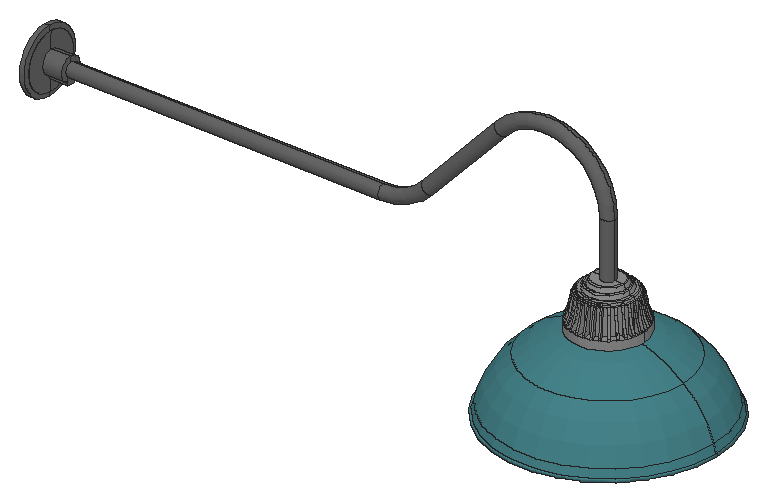
Revit family "Contempo Bistro BBU", category Lighting Fixtures, Revit 2020 (continued)
Definition of nested family "POST MOUNT"
  Automatic sketch dimensions
    Revolve 12 sketch curve to plane 6 = 0' - 2 1/4"
    Revolve 12 sketch curve to Revolve 12 sketch curve = 0' - 0 1/2"
    Revolve 12 sketch curve to Revolve 12 sketch curve = 0' - 0"
    radius of Sweep 11 sketch curve = 0' - 0 1/2"
Definition of nested family "BBU14_1"
  Parameters (values of type "BBU14_1")
    Light Elevation [instance] = 4' - 0"
    HUB [instance] = none
    Default Elevation = 0' - 0"
    Body [instance] = none
    BBU14 [instance] = yes
  Reference planes (in)
    plane 1 "Center (Front/Back)": y = 0
    plane 2: z = 0
    plane 3 "Center (Left/Right)": x = 0
    plane 4: z = 48
  Dimensions and locks (in)
    "Light Elevation": plane 4 to plane 2
    aligned and locked: plane 2 to level
    aligned and locked: plane 1 "Center (Front/Back)" to nested 1
    aligned and locked: plane 3 "Center (Left/Right)" to nested 1
    aligned and locked: nested 1 to plane 4
  Nested families (in)
    nested 1: "BBU14" at (0, 0, 39.64609), visible <- "BBU14", SHADE <- "Body", HUB <- "HUB", type "BBU14"
      with SHADE none, HUB none
  Definition of nested family "BBU14"
    Parameters (values of type "BBU14")
      SHADE [instance] = none
      HUB [instance] = none
      Default Elevation = 0' - 0"
    Reference planes (in)
      plane 1 "Center (Front/Back)": y = 0
      plane 2: z = 0
      plane 3 "Center (Left/Right)": x = 0
    Forms (in)
      Revolve 1, solid, material <- "SHADE"
        sketch origin (0, 0, 0) x (1, 0, 0) y (0, 0, 1)
          loop
            line (-1.95, 5.625) -> (-2, 5.625) -> (-2.25, 5.375) -> (-2.25, 4.955)
            arc (-2.25, 4.955) -> (-3.48212, 4.6773) -> (-4.55465, 4.01026) r 3.7912
            arc (-4.55465, 4.01026) -> (-5.84861, 2.53938) -> (-6.70076, 0.77538) r 7.23827
            arc (-6.70076, 0.77538) -> (-6.7865, 0.50275) -> (-6.87744, 0.2318) r 14.96105
            arc (-6.87744, 0.2318) -> (-6.993, 0.10696) -> (-6.85961, 0.00138) r 0.1159
            arc (-6.85961, 0.00138) -> (-6.73059, 0.3727) -> (-6.61132, 0.74725) r 15.0548
            arc (-6.61132, 0.74725) -> (-5.77011, 2.48812) -> (-4.49292, 3.93969) r 7.14452
            arc (-4.49292, 3.93969) -> (-3.40563, 4.60705) -> (-2.15625, 4.86514) r 3.69745
            line (-2.15625, 4.86514) -> (-2.15625, 5.33617) -> (-1.93371, 5.55871)
            arc (-1.93371, 5.55871) -> (-1.91587, 5.59824) -> (-1.95, 5.625) r 0.03515
          axis (0, 0.00138) -> (0, 5.625)
        angle from 0 to 360
      Revolve 2, solid, material <- "HUB"
        sketch origin (0, 0, -1.5472) x (1, 0, 0) y (0, 0, 1)
          loop
            arc (-1.09903, 9.90111) -> (-1.1396, 9.89006) -> (-1.16896, 9.85997) r 0.08
            line (-1.16896, 9.85997) -> (-1.29313, 9.59416) -> (-1.41054, 9.59416)
            arc (-1.41054, 9.59416) -> (-1.45353, 9.58163) -> (-1.48305, 9.54797) r 0.08
            line (-1.48305, 9.54797) -> (-1.59547, 9.30689) -> (-1.79547, 9.30689)
            arc (-1.79547, 9.30689) -> (-1.84894, 9.28639) -> (-1.87501, 9.23539) r 0.08
            arc (-1.87501, 9.23539) -> (-1.89411, 9.17729) -> (-1.93534, 9.13211) r 0.14595
            arc (-1.93534, 9.13211) -> (-1.97647, 9.10191) -> (-2.01677, 9.07061) r 1.89392
            arc (-2.01677, 9.07061) -> (-2.14099, 8.88463) -> (-2.18385, 8.66511) r 0.56845
            arc (-2.18385, 8.66511) -> (-2.3223, 7.96682) -> (-2.5672, 7.29839) r 4.58402
            arc (-2.5672, 7.29839) -> (-2.59166, 7.23933) -> (-2.6, 7.17595) r 0.24491
            line (-2.6, 7.17595) -> (-2.6, 6.55689) -> (-2.28, 6.55689) -> (-2.28, 6.93689) -> (-2, 7.18689) -> (-1.74987, 8.96668)
            arc (-1.74987, 8.96668) -> (-1.66631, 9.12057) -> (-1.5023, 9.18189) r 0.25
            line (-1.5023, 9.18189) -> (-0.3125, 9.18189) -> (-0.3125, 9.90111) -> (-1.09903, 9.90111)
          axis (0, 9.90111) -> (0, 6.55689)
        angle from 0 to 360
      Extrusion 3, void
        sketch origin (0, 0, -1.5472) x (1, 0, 0) y (0, 0, 1)
          loop
            arc (0.1562, 8.94175) -> (0, 9.10087) -> (-0.1562, 8.94175) r 0.15622
            arc (-0.1562, 8.94175) -> (-0.16453, 8.05868) -> (-0.1893, 7.17593) r 47.42066
            line (-0.1893, 7.17593) -> (0.1893, 7.17593)
            arc (0.1893, 7.17593) -> (0.16453, 8.05868) -> (0.1562, 8.94175) r 47.42066
        from 2.01546 to 2.60892
      Extrusion 4, void
        sketch origin (0, 0, -1.5472) x (-1, 0, 0) y (0, 0, 1)
          loop
            arc (0.1562, 8.94175) -> (0, 9.10087) -> (-0.1562, 8.94175) r 0.15622
            arc (-0.1562, 8.94175) -> (-0.16453, 8.05868) -> (-0.1893, 7.17593) r 47.42066
            line (-0.1893, 7.17593) -> (0.1893, 7.17593)
            arc (0.1893, 7.17593) -> (0.16453, 8.05868) -> (0.1562, 8.94175) r 47.42066
        from 2.01546 to 2.60892
      Extrusion 5, void
        sketch origin (0, 0, -1.5472) x (0.980785, 0.19509, 0) y (0, 0, 1)
          loop
            arc (0.1562, 8.94175) -> (0, 9.10087) -> (-0.1562, 8.94175) r 0.15622
            arc (-0.1562, 8.94175) -> (-0.16453, 8.05868) -> (-0.1893, 7.17593) r 47.42066
            line (-0.1893, 7.17593) -> (0.1893, 7.17593)
            arc (0.1893, 7.17593) -> (0.16453, 8.05868) -> (0.1562, 8.94175) r 47.42066
        from 2.01546 to 2.60892
      Extrusion 6, void
        sketch origin (0, 0, -1.5472) x (-0.980785, -0.19509, 0) y (0, 0, 1)
          loop
            arc (0.1562, 8.94175) -> (0, 9.10087) -> (-0.1562, 8.94175) r 0.15622
            arc (-0.1562, 8.94175) -> (-0.16453, 8.05868) -> (-0.1893, 7.17593) r 47.42066
            line (-0.1893, 7.17593) -> (0.1893, 7.17593)
            arc (0.1893, 7.17593) -> (0.16453, 8.05868) -> (0.1562, 8.94175) r 47.42066
        from 2.01546 to 2.60892
      Extrusion 7, void
        sketch origin (0, 0, -1.5472) x (0.92388, 0.382683, 0) y (0, 0, 1)
          loop
            arc (0.1562, 8.94175) -> (0, 9.10087) -> (-0.1562, 8.94175) r 0.15622
            arc (-0.1562, 8.94175) -> (-0.16453, 8.05868) -> (-0.1893, 7.17593) r 47.42066
            line (-0.1893, 7.17593) -> (0.1893, 7.17593)
            arc (0.1893, 7.17593) -> (0.16453, 8.05868) -> (0.1562, 8.94175) r 47.42066
        from 2.03855 to 2.60892
      Extrusion 8, void
        sketch origin (0, 0, -1.5472) x (-0.92388, -0.382683, 0) y (0, 0, 1)
          loop
            arc (0.1562, 8.94175) -> (0, 9.10087) -> (-0.1562, 8.94175) r 0.15622
            arc (-0.1562, 8.94175) -> (-0.16453, 8.05868) -> (-0.1893, 7.17593) r 47.42066
            line (-0.1893, 7.17593) -> (0.1893, 7.17593)
            arc (0.1893, 7.17593) -> (0.16453, 8.05868) -> (0.1562, 8.94175) r 47.42066
        from 2.01546 to 2.60892
      Extrusion 9, void
        sketch origin (0, 0, -1.5472) x (0.83147, 0.55557, 0) y (0, 0, 1)
          loop
            arc (0.1562, 8.94175) -> (0, 9.10087) -> (-0.1562, 8.94175) r 0.15622
            arc (-0.1562, 8.94175) -> (-0.16453, 8.05868) -> (-0.1893, 7.17593) r 47.42066
            line (-0.1893, 7.17593) -> (0.1893, 7.17593)
            arc (0.1893, 7.17593) -> (0.16453, 8.05868) -> (0.1562, 8.94175) r 47.42066
        from 2.01546 to 2.60892
      Extrusion 10, void
        sketch origin (0, 0, -1.5472) x (-0.83147, -0.55557, 0) y (0, 0, 1)
          loop
            arc (0.1562, 8.94175) -> (0, 9.10087) -> (-0.1562, 8.94175) r 0.15622
            arc (-0.1562, 8.94175) -> (-0.16453, 8.05868) -> (-0.1893, 7.17593) r 47.42066
            line (-0.1893, 7.17593) -> (0.1893, 7.17593)
            arc (0.1893, 7.17593) -> (0.16453, 8.05868) -> (0.1562, 8.94175) r 47.42066
        from 2.01546 to 2.60892
      Extrusion 11, void
        sketch origin (0, 0, -1.5472) x (0.707107, 0.707107, 0) y (0, 0, 1)
          loop
            arc (0.1562, 8.94175) -> (0, 9.10087) -> (-0.1562, 8.94175) r 0.15622
            arc (-0.1562, 8.94175) -> (-0.16453, 8.05868) -> (-0.1893, 7.17593) r 47.42066
            line (-0.1893, 7.17593) -> (0.1893, 7.17593)
            arc (0.1893, 7.17593) -> (0.16453, 8.05868) -> (0.1562, 8.94175) r 47.42066
        from 2.01546 to 2.60892
      Extrusion 12, void
        sketch origin (0, 0, -1.5472) x (-0.707107, -0.707107, 0) y (0, 0, 1)
          loop
            arc (0.1562, 8.94175) -> (0, 9.10087) -> (-0.1562, 8.94175) r 0.15622
            arc (-0.1562, 8.94175) -> (-0.16453, 8.05868) -> (-0.1893, 7.17593) r 47.42066
            line (-0.1893, 7.17593) -> (0.1893, 7.17593)
            arc (0.1893, 7.17593) -> (0.16453, 8.05868) -> (0.1562, 8.94175) r 47.42066
        from 2.01546 to 2.60892
      Extrusion 13, void
        sketch origin (0, 0, -1.5472) x (0.980785, -0.19509, 0) y (0, 0, 1)
          loop
            arc (0.1562, 8.94175) -> (0, 9.10087) -> (-0.1562, 8.94175) r 0.15622
            arc (-0.1562, 8.94175) -> (-0.16453, 8.05868) -> (-0.1893, 7.17593) r 47.42066
            line (-0.1893, 7.17593) -> (0.1893, 7.17593)
            arc (0.1893, 7.17593) -> (0.16453, 8.05868) -> (0.1562, 8.94175) r 47.42066
        from 2.01546 to 2.60892
      Extrusion 14, void
        sketch origin (0, 0, -1.5472) x (-0.980785, 0.19509, 0) y (0, 0, 1)
          loop
            arc (0.1562, 8.94175) -> (0, 9.10087) -> (-0.1562, 8.94175) r 0.15622
            arc (-0.1562, 8.94175) -> (-0.16453, 8.05868) -> (-0.1893, 7.17593) r 47.42066
            line (-0.1893, 7.17593) -> (0.1893, 7.17593)
            arc (0.1893, 7.17593) -> (0.16453, 8.05868) -> (0.1562, 8.94175) r 47.42066
        from 2.01546 to 2.60892
      Extrusion 15, void
        sketch origin (0, 0, -1.5472) x (0.92388, -0.382683, 0) y (0, 0, 1)
          loop
            arc (0.1562, 8.94175) -> (0, 9.10087) -> (-0.1562, 8.94175) r 0.15622
            arc (-0.1562, 8.94175) -> (-0.16453, 8.05868) -> (-0.1893, 7.17593) r 47.42066
            line (-0.1893, 7.17593) -> (0.1893, 7.17593)
            arc (0.1893, 7.17593) -> (0.16453, 8.05868) -> (0.1562, 8.94175) r 47.42066
        from 2.01546 to 2.60892
      Extrusion 16, void
        sketch origin (0, 0, -1.5472) x (-0.92388, 0.382683, 0) y (0, 0, 1)
          loop
            arc (0.1562, 8.94175) -> (0, 9.10087) -> (-0.1562, 8.94175) r 0.15622
            arc (-0.1562, 8.94175) -> (-0.16453, 8.05868) -> (-0.1893, 7.17593) r 47.42066
            line (-0.1893, 7.17593) -> (0.1893, 7.17593)
            arc (0.1893, 7.17593) -> (0.16453, 8.05868) -> (0.1562, 8.94175) r 47.42066
        from 2.01546 to 2.60892
      Extrusion 17, void
        sketch origin (0, 0, -1.5472) x (0.83147, -0.55557, 0) y (0, 0, 1)
          loop
            arc (0.1562, 8.94175) -> (0, 9.10087) -> (-0.1562, 8.94175) r 0.15622
            arc (-0.1562, 8.94175) -> (-0.16453, 8.05868) -> (-0.1893, 7.17593) r 47.42066
            line (-0.1893, 7.17593) -> (0.1893, 7.17593)
            arc (0.1893, 7.17593) -> (0.16453, 8.05868) -> (0.1562, 8.94175) r 47.42066
        from 2.02945 to 2.60892
      Extrusion 18, void
        sketch origin (0, 0, -1.5472) x (-0.83147, 0.55557, 0) y (0, 0, 1)
          loop
            arc (0.1562, 8.94175) -> (0, 9.10087) -> (-0.1562, 8.94175) r 0.15622
            arc (-0.1562, 8.94175) -> (-0.16453, 8.05868) -> (-0.1893, 7.17593) r 47.42066
            line (-0.1893, 7.17593) -> (0.1893, 7.17593)
            arc (0.1893, 7.17593) -> (0.16453, 8.05868) -> (0.1562, 8.94175) r 47.42066
        from 2.01546 to 2.60892
      Extrusion 19, void
        sketch origin (0, 0, -1.5472) x (0.707107, -0.707107, 0) y (0, 0, 1)
          loop
            arc (0.1562, 8.94175) -> (0, 9.10087) -> (-0.1562, 8.94175) r 0.15622
            arc (-0.1562, 8.94175) -> (-0.16453, 8.05868) -> (-0.1893, 7.17593) r 47.42066
            line (-0.1893, 7.17593) -> (0.1893, 7.17593)
            arc (0.1893, 7.17593) -> (0.16453, 8.05868) -> (0.1562, 8.94175) r 47.42066
        from 2.01546 to 2.60892
      Extrusion 20, void
        sketch origin (0, 0, -1.5472) x (-0.707107, 0.707107, 0) y (0, 0, 1)
          loop
            arc (0.1562, 8.94175) -> (0, 9.10087) -> (-0.1562, 8.94175) r 0.15622
            arc (-0.1562, 8.94175) -> (-0.16453, 8.05868) -> (-0.1893, 7.17593) r 47.42066
            line (-0.1893, 7.17593) -> (0.1893, 7.17593)
            arc (0.1893, 7.17593) -> (0.16453, 8.05868) -> (0.1562, 8.94175) r 47.42066
        from 2.04722 to 2.60892
      Extrusion 21, void
        sketch origin (-0.00391, 0, -1.5472) x (0.382683, -0.92388, 0) y (0, 0, 1)
          loop
            arc (0.1562, 8.94175) -> (0, 9.10087) -> (-0.1562, 8.94175) r 0.15622
            arc (-0.1562, 8.94175) -> (-0.16453, 8.05868) -> (-0.1893, 7.17593) r 47.42066
            line (-0.1893, 7.17593) -> (0.1893, 7.17593)
            arc (0.1893, 7.17593) -> (0.16453, 8.05868) -> (0.1562, 8.94175) r 47.42066
        from 2.02883 to 2.60892
      Extrusion 22, void
        sketch origin (0, 0, -1.5472) x (-0.382683, 0.92388, 0) y (0, 0, 1)
          loop
            arc (0.1562, 8.94175) -> (0, 9.10087) -> (-0.1562, 8.94175) r 0.15622
            arc (-0.1562, 8.94175) -> (-0.16453, 8.05868) -> (-0.1893, 7.17593) r 47.42066
            line (-0.1893, 7.17593) -> (0.1893, 7.17593)
            arc (0.1893, 7.17593) -> (0.16453, 8.05868) -> (0.1562, 8.94175) r 47.42066
        from 2.03251 to 2.60892
      Extrusion 23, void
        sketch origin (-0.00391, 0, -1.5472) x (0.19509, -0.980785, 0) y (0, 0, 1)
          loop
            arc (0.1562, 8.94175) -> (0, 9.10087) -> (-0.1562, 8.94175) r 0.15622
            arc (-0.1562, 8.94175) -> (-0.16453, 8.05868) -> (-0.1893, 7.17593) r 47.42066
            line (-0.1893, 7.17593) -> (0.1893, 7.17593)
            arc (0.1893, 7.17593) -> (0.16453, 8.05868) -> (0.1562, 8.94175) r 47.42066
        from 2.02341 to 2.60892
      Extrusion 24, void
        sketch origin (0, 0, -1.5472) x (-0.19509, 0.980785, 0) y (0, 0, 1)
          loop
            arc (0.1562, 8.94175) -> (0, 9.10087) -> (-0.1562, 8.94175) r 0.15622
            arc (-0.1562, 8.94175) -> (-0.16453, 8.05868) -> (-0.1893, 7.17593) r 47.42066
            line (-0.1893, 7.17593) -> (0.1893, 7.17593)
            arc (0.1893, 7.17593) -> (0.16453, 8.05868) -> (0.1562, 8.94175) r 47.42066
        from 2.04196 to 2.60892
      Extrusion 25, void
        sketch origin (0, 0, -1.5472) x (0.55557, 0.83147, 0) y (0, 0, 1)
          loop
            arc (0.1562, 8.94175) -> (0, 9.10087) -> (-0.1562, 8.94175) r 0.15622
            arc (-0.1562, 8.94175) -> (-0.16453, 8.05868) -> (-0.1893, 7.17593) r 47.42066
            line (-0.1893, 7.17593) -> (0.1893, 7.17593)
            arc (0.1893, 7.17593) -> (0.16453, 8.05868) -> (0.1562, 8.94175) r 47.42066
        from 2.02974 to 2.60892
      Extrusion 26, void
        sketch origin (0, 0, -1.5472) x (-0.55557, -0.83147, 0) y (0, 0, 1)
          loop
            arc (0.1562, 8.94175) -> (0, 9.10087) -> (-0.1562, 8.94175) r 0.15622
            arc (-0.1562, 8.94175) -> (-0.16453, 8.05868) -> (-0.1893, 7.17593) r 47.42066
            line (-0.1893, 7.17593) -> (0.1893, 7.17593)
            arc (0.1893, 7.17593) -> (0.16453, 8.05868) -> (0.1562, 8.94175) r 47.42066
        from 2.03706 to 2.60892
      Extrusion 27, void
        sketch origin (0, 0, -1.5472) x (0.382683, 0.92388, 0) y (0, 0, 1)
          loop
            arc (0.1562, 8.94175) -> (0, 9.10087) -> (-0.1562, 8.94175) r 0.15622
            arc (-0.1562, 8.94175) -> (-0.16453, 8.05868) -> (-0.1893, 7.17593) r 47.42066
            line (-0.1893, 7.17593) -> (0.1893, 7.17593)
            arc (0.1893, 7.17593) -> (0.16453, 8.05868) -> (0.1562, 8.94175) r 47.42066
        from 2.03226 to 2.60892
      Extrusion 28, void
        sketch origin (0, 0, -1.5472) x (-0.382683, -0.92388, 0) y (0, 0, 1)
          loop
            arc (0.1562, 8.94175) -> (0, 9.10087) -> (-0.1562, 8.94175) r 0.15622
            arc (-0.1562, 8.94175) -> (-0.16453, 8.05868) -> (-0.1893, 7.17593) r 47.42066
            line (-0.1893, 7.17593) -> (0.1893, 7.17593)
            arc (0.1893, 7.17593) -> (0.16453, 8.05868) -> (0.1562, 8.94175) r 47.42066
        from 2.03901 to 2.60892
      Extrusion 29, void
        sketch origin (0, 0, -1.5472) x (0.19509, 0.980785, 0) y (0, 0, 1)
          loop
            arc (0.1562, 8.94175) -> (0, 9.10087) -> (-0.1562, 8.94175) r 0.15622
            arc (-0.1562, 8.94175) -> (-0.16453, 8.05868) -> (-0.1893, 7.17593) r 47.42066
            line (-0.1893, 7.17593) -> (0.1893, 7.17593)
            arc (0.1893, 7.17593) -> (0.16453, 8.05868) -> (0.1562, 8.94175) r 47.42066
        from 2.03393 to 2.60892
      Extrusion 30, void
        sketch origin (0, 0, -1.5472) x (-0.19509, -0.980785, 0) y (0, 0, 1)
          loop
            arc (0.1562, 8.94175) -> (0, 9.10087) -> (-0.1562, 8.94175) r 0.15622
            arc (-0.1562, 8.94175) -> (-0.16453, 8.05868) -> (-0.1893, 7.17593) r 47.42066
            line (-0.1893, 7.17593) -> (0.1893, 7.17593)
            arc (0.1893, 7.17593) -> (0.16453, 8.05868) -> (0.1562, 8.94175) r 47.42066
        from 2.0371 to 2.60892
      Extrusion 31, void
        sketch origin (0, 0, -1.5472) x (0, 1, 0) y (0, 0, 1)
          loop
            arc (0.1562, 8.94175) -> (0, 9.10087) -> (-0.1562, 8.94175) r 0.15622
            arc (-0.1562, 8.94175) -> (-0.16453, 8.05868) -> (-0.1893, 7.17593) r 47.42066
            line (-0.1893, 7.17593) -> (0.1893, 7.17593)
            arc (0.1893, 7.17593) -> (0.16453, 8.05868) -> (0.1562, 8.94175) r 47.42066
        from 2.04193 to 2.60892
      Extrusion 32, void
        sketch origin (0, 0, -1.5472) x (0, -1, 0) y (0, 0, 1)
          loop
            arc (0.1562, 8.94175) -> (0, 9.10087) -> (-0.1562, 8.94175) r 0.15622
            arc (-0.1562, 8.94175) -> (-0.16453, 8.05868) -> (-0.1893, 7.17593) r 47.42066
            line (-0.1893, 7.17593) -> (0.1893, 7.17593)
            arc (0.1893, 7.17593) -> (0.16453, 8.05868) -> (0.1562, 8.94175) r 47.42066
        from 2.03697 to 2.60892
      Extrusion 33, void
        sketch origin (0, 0, -1.5472) x (0.55557, -0.83147, 0) y (0, 0, 1)
          loop
            arc (0.1562, 8.94175) -> (0, 9.10087) -> (-0.1562, 8.94175) r 0.15622
            arc (-0.1562, 8.94175) -> (-0.16453, 8.05868) -> (-0.1893, 7.17593) r 47.42066
            line (-0.1893, 7.17593) -> (0.1893, 7.17593)
            arc (0.1893, 7.17593) -> (0.16453, 8.05868) -> (0.1562, 8.94175) r 47.42066
        from 2.03636 to 2.60892
      Extrusion 34, void
        sketch origin (0, 0, -1.5472) x (-0.55557, 0.83147, 0) y (0, 0, 1)
          loop
            arc (0.1562, 8.94175) -> (0, 9.10087) -> (-0.1562, 8.94175) r 0.15622
            arc (-0.1562, 8.94175) -> (-0.16453, 8.05868) -> (-0.1893, 7.17593) r 47.42066
            line (-0.1893, 7.17593) -> (0.1893, 7.17593)
            arc (0.1893, 7.17593) -> (0.16453, 8.05868) -> (0.1562, 8.94175) r 47.42066
        from 2.03457 to 2.60892
    Cuts and joins
      Extrusion 3, Extrusion 4, Extrusion 5, Extrusion 6, Extrusion 7, Extrusion 8, Extrusion 9, Extrusion 10, Extrusion 11, Extrusion 12, Extrusion 13, Extrusion 14, Extrusion 15, Extrusion 16, Extrusion 17, Extrusion 18, Extrusion 19, Extrusion 20, Extrusion 21, Extrusion 22, Extrusion 23, Extrusion 24, Extrusion 25, Extrusion 26, Extrusion 27, Extrusion 28, Extrusion 29, Extrusion 30, Extrusion 31, Extrusion 32, Extrusion 33, Extrusion 34 cuts Revolve 2
    Dimensions and locks (in)
      aligned and locked: plane 2 to level
Definition of nested family "BBU19_1"
  Parameters (values of type "BBU19_1")
    Light Elevation [instance] = 3' - 0"
    HUB [instance] = none
    Default Elevation = 0' - 0"
    Body [instance] = none
    BBU19 [instance] = yes
  Reference planes (in)
    plane 1 "Center (Front/Back)": y = 0
    plane 2: z = 0
    plane 3 "Center (Left/Right)": x = 0
    plane 4: z = 36
  Dimensions and locks (in)
    "Light Elevation": plane 4 to plane 2
    aligned and locked: plane 2 to level
    aligned and locked: plane 1 "Center (Front/Back)" to nested 1
    aligned and locked: plane 3 "Center (Left/Right)" to nested 1
    aligned and locked: nested 1 to plane 4
  Nested families (in)
    nested 1: "BBU19" at (0, 0, 25.88159), visible <- "BBU19", SHADE <- "Body", HUB <- "HUB", type "BBU19"
      with SHADE none, HUB none
  Definition of nested family "BBU19"
    Parameters (values of type "BBU19")
      SHADE [instance] = none
      HUB [instance] = none
      Default Elevation = 0' - 0"
    Reference planes (in)
      plane 1 "Center (Front/Back)": y = 0
      plane 2: z = 0
      plane 3 "Center (Left/Right)": x = 0
    Forms (in)
      Revolve 1, solid, material <- "HUB"
        sketch origin (0, 0, 0.2173) x (1, 0, 0) y (0, 0, 1)
          loop
            arc (-1.09903, 9.90111) -> (-1.1396, 9.89006) -> (-1.16896, 9.85997) r 0.08
            line (-1.16896, 9.85997) -> (-1.29313, 9.59416) -> (-1.41054, 9.59416)
            arc (-1.41054, 9.59416) -> (-1.45353, 9.58163) -> (-1.48305, 9.54797) r 0.08
            line (-1.48305, 9.54797) -> (-1.59547, 9.30689) -> (-1.79547, 9.30689)
            arc (-1.79547, 9.30689) -> (-1.84894, 9.28639) -> (-1.87501, 9.23539) r 0.08
            arc (-1.87501, 9.23539) -> (-1.89411, 9.17729) -> (-1.93534, 9.13211) r 0.14595
            arc (-1.93534, 9.13211) -> (-1.97647, 9.10191) -> (-2.01677, 9.07061) r 1.89392
            arc (-2.01677, 9.07061) -> (-2.14099, 8.88463) -> (-2.18385, 8.66511) r 0.56845
            arc (-2.18385, 8.66511) -> (-2.3223, 7.96682) -> (-2.5672, 7.29839) r 4.58402
            arc (-2.5672, 7.29839) -> (-2.59166, 7.23933) -> (-2.6, 7.17595) r 0.24491
            line (-2.6, 7.17595) -> (-2.6, 6.55689) -> (-2.28, 6.55689) -> (-2.28, 6.93689) -> (-2, 7.18689) -> (-1.74987, 8.96668)
            arc (-1.74987, 8.96668) -> (-1.66631, 9.12057) -> (-1.5023, 9.18189) r 0.25
            line (-1.5023, 9.18189) -> (-0.3125, 9.18189) -> (-0.3125, 9.90111) -> (-1.09903, 9.90111)
          axis (0, 9.90111) -> (0, 6.55689)
        angle from 0 to 360
      Extrusion 2, void
        sketch origin (0, 0, 0.2173) x (1, 0, 0) y (0, 0, 1)
          loop
            arc (0.1562, 8.94175) -> (0, 9.10087) -> (-0.1562, 8.94175) r 0.15622
            arc (-0.1562, 8.94175) -> (-0.16453, 8.05868) -> (-0.1893, 7.17593) r 47.42066
            line (-0.1893, 7.17593) -> (0.1893, 7.17593)
            arc (0.1893, 7.17593) -> (0.16453, 8.05868) -> (0.1562, 8.94175) r 47.42066
        from 2.01546 to 2.60892
      Extrusion 3, void
        sketch origin (0, 0, 0.2173) x (-1, 0, 0) y (0, 0, 1)
          loop
            arc (0.1562, 8.94175) -> (0, 9.10087) -> (-0.1562, 8.94175) r 0.15622
            arc (-0.1562, 8.94175) -> (-0.16453, 8.05868) -> (-0.1893, 7.17593) r 47.42066
            line (-0.1893, 7.17593) -> (0.1893, 7.17593)
            arc (0.1893, 7.17593) -> (0.16453, 8.05868) -> (0.1562, 8.94175) r 47.42066
        from 2.01546 to 2.60892
      Extrusion 4, void
        sketch origin (0, 0, 0.2173) x (0.980785, 0.19509, 0) y (0, 0, 1)
          loop
            arc (0.1562, 8.94175) -> (0, 9.10087) -> (-0.1562, 8.94175) r 0.15622
            arc (-0.1562, 8.94175) -> (-0.16453, 8.05868) -> (-0.1893, 7.17593) r 47.42066
            line (-0.1893, 7.17593) -> (0.1893, 7.17593)
            arc (0.1893, 7.17593) -> (0.16453, 8.05868) -> (0.1562, 8.94175) r 47.42066
        from 2.01546 to 2.60892
      Extrusion 5, void
        sketch origin (0, 0, 0.2173) x (-0.980785, -0.19509, 0) y (0, 0, 1)
          loop
            arc (0.1562, 8.94175) -> (0, 9.10087) -> (-0.1562, 8.94175) r 0.15622
            arc (-0.1562, 8.94175) -> (-0.16453, 8.05868) -> (-0.1893, 7.17593) r 47.42066
            line (-0.1893, 7.17593) -> (0.1893, 7.17593)
            arc (0.1893, 7.17593) -> (0.16453, 8.05868) -> (0.1562, 8.94175) r 47.42066
        from 2.01546 to 2.60892
      Extrusion 6, void
        sketch origin (0, 0, 0.2173) x (0.92388, 0.382683, 0) y (0, 0, 1)
          loop
            arc (0.1562, 8.94175) -> (0, 9.10087) -> (-0.1562, 8.94175) r 0.15622
            arc (-0.1562, 8.94175) -> (-0.16453, 8.05868) -> (-0.1893, 7.17593) r 47.42066
            line (-0.1893, 7.17593) -> (0.1893, 7.17593)
            arc (0.1893, 7.17593) -> (0.16453, 8.05868) -> (0.1562, 8.94175) r 47.42066
        from 2.03855 to 2.60892
      Extrusion 7, void
        sketch origin (0, 0, 0.2173) x (-0.92388, -0.382683, 0) y (0, 0, 1)
          loop
            arc (0.1562, 8.94175) -> (0, 9.10087) -> (-0.1562, 8.94175) r 0.15622
            arc (-0.1562, 8.94175) -> (-0.16453, 8.05868) -> (-0.1893, 7.17593) r 47.42066
            line (-0.1893, 7.17593) -> (0.1893, 7.17593)
            arc (0.1893, 7.17593) -> (0.16453, 8.05868) -> (0.1562, 8.94175) r 47.42066
        from 2.01546 to 2.60892
      Extrusion 8, void
        sketch origin (0, 0, 0.2173) x (0.83147, 0.55557, 0) y (0, 0, 1)
          loop
            arc (0.1562, 8.94175) -> (0, 9.10087) -> (-0.1562, 8.94175) r 0.15622
            arc (-0.1562, 8.94175) -> (-0.16453, 8.05868) -> (-0.1893, 7.17593) r 47.42066
            line (-0.1893, 7.17593) -> (0.1893, 7.17593)
            arc (0.1893, 7.17593) -> (0.16453, 8.05868) -> (0.1562, 8.94175) r 47.42066
        from 2.01546 to 2.60892
      Extrusion 9, void
        sketch origin (0, 0, 0.2173) x (-0.83147, -0.55557, 0) y (0, 0, 1)
          loop
            arc (0.1562, 8.94175) -> (0, 9.10087) -> (-0.1562, 8.94175) r 0.15622
            arc (-0.1562, 8.94175) -> (-0.16453, 8.05868) -> (-0.1893, 7.17593) r 47.42066
            line (-0.1893, 7.17593) -> (0.1893, 7.17593)
            arc (0.1893, 7.17593) -> (0.16453, 8.05868) -> (0.1562, 8.94175) r 47.42066
        from 2.01546 to 2.60892
      Extrusion 10, void
        sketch origin (0, 0, 0.2173) x (0.707107, 0.707107, 0) y (0, 0, 1)
          loop
            arc (0.1562, 8.94175) -> (0, 9.10087) -> (-0.1562, 8.94175) r 0.15622
            arc (-0.1562, 8.94175) -> (-0.16453, 8.05868) -> (-0.1893, 7.17593) r 47.42066
            line (-0.1893, 7.17593) -> (0.1893, 7.17593)
            arc (0.1893, 7.17593) -> (0.16453, 8.05868) -> (0.1562, 8.94175) r 47.42066
        from 2.01546 to 2.60892
      Extrusion 11, void
        sketch origin (0, 0, 0.2173) x (-0.707107, -0.707107, 0) y (0, 0, 1)
          loop
            arc (0.1562, 8.94175) -> (0, 9.10087) -> (-0.1562, 8.94175) r 0.15622
            arc (-0.1562, 8.94175) -> (-0.16453, 8.05868) -> (-0.1893, 7.17593) r 47.42066
            line (-0.1893, 7.17593) -> (0.1893, 7.17593)
            arc (0.1893, 7.17593) -> (0.16453, 8.05868) -> (0.1562, 8.94175) r 47.42066
        from 2.01546 to 2.60892
      Extrusion 12, void
        sketch origin (0, 0, 0.2173) x (0.980785, -0.19509, 0) y (0, 0, 1)
          loop
            arc (0.1562, 8.94175) -> (0, 9.10087) -> (-0.1562, 8.94175) r 0.15622
            arc (-0.1562, 8.94175) -> (-0.16453, 8.05868) -> (-0.1893, 7.17593) r 47.42066
            line (-0.1893, 7.17593) -> (0.1893, 7.17593)
            arc (0.1893, 7.17593) -> (0.16453, 8.05868) -> (0.1562, 8.94175) r 47.42066
        from 2.01546 to 2.60892
      Extrusion 13, void
        sketch origin (0, 0, 0.2173) x (-0.980785, 0.19509, 0) y (0, 0, 1)
          loop
            arc (0.1562, 8.94175) -> (0, 9.10087) -> (-0.1562, 8.94175) r 0.15622
            arc (-0.1562, 8.94175) -> (-0.16453, 8.05868) -> (-0.1893, 7.17593) r 47.42066
            line (-0.1893, 7.17593) -> (0.1893, 7.17593)
            arc (0.1893, 7.17593) -> (0.16453, 8.05868) -> (0.1562, 8.94175) r 47.42066
        from 2.01546 to 2.60892
      Extrusion 14, void
        sketch origin (0, 0, 0.2173) x (0.92388, -0.382683, 0) y (0, 0, 1)
          loop
            arc (0.1562, 8.94175) -> (0, 9.10087) -> (-0.1562, 8.94175) r 0.15622
            arc (-0.1562, 8.94175) -> (-0.16453, 8.05868) -> (-0.1893, 7.17593) r 47.42066
            line (-0.1893, 7.17593) -> (0.1893, 7.17593)
            arc (0.1893, 7.17593) -> (0.16453, 8.05868) -> (0.1562, 8.94175) r 47.42066
        from 2.01546 to 2.60892
      Extrusion 15, void
        sketch origin (0, 0, 0.2173) x (-0.92388, 0.382683, 0) y (0, 0, 1)
          loop
            arc (0.1562, 8.94175) -> (0, 9.10087) -> (-0.1562, 8.94175) r 0.15622
            arc (-0.1562, 8.94175) -> (-0.16453, 8.05868) -> (-0.1893, 7.17593) r 47.42066
            line (-0.1893, 7.17593) -> (0.1893, 7.17593)
            arc (0.1893, 7.17593) -> (0.16453, 8.05868) -> (0.1562, 8.94175) r 47.42066
        from 2.01546 to 2.60892
      Extrusion 16, void
        sketch origin (0, 0, 0.2173) x (0.83147, -0.55557, 0) y (0, 0, 1)
          loop
            arc (0.1562, 8.94175) -> (0, 9.10087) -> (-0.1562, 8.94175) r 0.15622
            arc (-0.1562, 8.94175) -> (-0.16453, 8.05868) -> (-0.1893, 7.17593) r 47.42066
            line (-0.1893, 7.17593) -> (0.1893, 7.17593)
            arc (0.1893, 7.17593) -> (0.16453, 8.05868) -> (0.1562, 8.94175) r 47.42066
        from 2.02945 to 2.60892
      Extrusion 17, void
        sketch origin (0, 0, 0.2173) x (-0.83147, 0.55557, 0) y (0, 0, 1)
          loop
            arc (0.1562, 8.94175) -> (0, 9.10087) -> (-0.1562, 8.94175) r 0.15622
            arc (-0.1562, 8.94175) -> (-0.16453, 8.05868) -> (-0.1893, 7.17593) r 47.42066
            line (-0.1893, 7.17593) -> (0.1893, 7.17593)
            arc (0.1893, 7.17593) -> (0.16453, 8.05868) -> (0.1562, 8.94175) r 47.42066
        from 2.01546 to 2.60892
      Extrusion 18, void
        sketch origin (0, 0, 0.2173) x (0.707107, -0.707107, 0) y (0, 0, 1)
          loop
            arc (0.1562, 8.94175) -> (0, 9.10087) -> (-0.1562, 8.94175) r 0.15622
            arc (-0.1562, 8.94175) -> (-0.16453, 8.05868) -> (-0.1893, 7.17593) r 47.42066
            line (-0.1893, 7.17593) -> (0.1893, 7.17593)
            arc (0.1893, 7.17593) -> (0.16453, 8.05868) -> (0.1562, 8.94175) r 47.42066
        from 2.01546 to 2.60892
      Extrusion 19, void
        sketch origin (0, 0, 0.2173) x (-0.707107, 0.707107, 0) y (0, 0, 1)
          loop
            arc (0.1562, 8.94175) -> (0, 9.10087) -> (-0.1562, 8.94175) r 0.15622
            arc (-0.1562, 8.94175) -> (-0.16453, 8.05868) -> (-0.1893, 7.17593) r 47.42066
            line (-0.1893, 7.17593) -> (0.1893, 7.17593)
            arc (0.1893, 7.17593) -> (0.16453, 8.05868) -> (0.1562, 8.94175) r 47.42066
        from 2.04722 to 2.60892
      Extrusion 20, void
        sketch origin (-0.00391, 0, 0.2173) x (0.382683, -0.92388, 0) y (0, 0, 1)
          loop
            arc (0.1562, 8.94175) -> (0, 9.10087) -> (-0.1562, 8.94175) r 0.15622
            arc (-0.1562, 8.94175) -> (-0.16453, 8.05868) -> (-0.1893, 7.17593) r 47.42066
            line (-0.1893, 7.17593) -> (0.1893, 7.17593)
            arc (0.1893, 7.17593) -> (0.16453, 8.05868) -> (0.1562, 8.94175) r 47.42066
        from 2.02883 to 2.60892
      Extrusion 21, void
        sketch origin (0, 0, 0.2173) x (-0.382683, 0.92388, 0) y (0, 0, 1)
          loop
            arc (0.1562, 8.94175) -> (0, 9.10087) -> (-0.1562, 8.94175) r 0.15622
            arc (-0.1562, 8.94175) -> (-0.16453, 8.05868) -> (-0.1893, 7.17593) r 47.42066
            line (-0.1893, 7.17593) -> (0.1893, 7.17593)
            arc (0.1893, 7.17593) -> (0.16453, 8.05868) -> (0.1562, 8.94175) r 47.42066
        from 2.03251 to 2.60892
      Extrusion 22, void
        sketch origin (-0.00391, 0, 0.2173) x (0.19509, -0.980785, 0) y (0, 0, 1)
          loop
            arc (0.1562, 8.94175) -> (0, 9.10087) -> (-0.1562, 8.94175) r 0.15622
            arc (-0.1562, 8.94175) -> (-0.16453, 8.05868) -> (-0.1893, 7.17593) r 47.42066
            line (-0.1893, 7.17593) -> (0.1893, 7.17593)
            arc (0.1893, 7.17593) -> (0.16453, 8.05868) -> (0.1562, 8.94175) r 47.42066
        from 2.02341 to 2.60892
      Extrusion 23, void
        sketch origin (0, 0, 0.2173) x (-0.19509, 0.980785, 0) y (0, 0, 1)
          loop
            arc (0.1562, 8.94175) -> (0, 9.10087) -> (-0.1562, 8.94175) r 0.15622
            arc (-0.1562, 8.94175) -> (-0.16453, 8.05868) -> (-0.1893, 7.17593) r 47.42066
            line (-0.1893, 7.17593) -> (0.1893, 7.17593)
            arc (0.1893, 7.17593) -> (0.16453, 8.05868) -> (0.1562, 8.94175) r 47.42066
        from 2.04196 to 2.60892
      Extrusion 24, void
        sketch origin (0, 0, 0.2173) x (0.55557, 0.83147, 0) y (0, 0, 1)
          loop
            arc (0.1562, 8.94175) -> (0, 9.10087) -> (-0.1562, 8.94175) r 0.15622
            arc (-0.1562, 8.94175) -> (-0.16453, 8.05868) -> (-0.1893, 7.17593) r 47.42066
            line (-0.1893, 7.17593) -> (0.1893, 7.17593)
            arc (0.1893, 7.17593) -> (0.16453, 8.05868) -> (0.1562, 8.94175) r 47.42066
        from 2.02974 to 2.60892
      Extrusion 25, void
        sketch origin (0, 0, 0.2173) x (-0.55557, -0.83147, 0) y (0, 0, 1)
          loop
            arc (0.1562, 8.94175) -> (0, 9.10087) -> (-0.1562, 8.94175) r 0.15622
            arc (-0.1562, 8.94175) -> (-0.16453, 8.05868) -> (-0.1893, 7.17593) r 47.42066
            line (-0.1893, 7.17593) -> (0.1893, 7.17593)
            arc (0.1893, 7.17593) -> (0.16453, 8.05868) -> (0.1562, 8.94175) r 47.42066
        from 2.03706 to 2.60892
      Extrusion 26, void
        sketch origin (0, 0, 0.2173) x (0.382683, 0.92388, 0) y (0, 0, 1)
          loop
            arc (0.1562, 8.94175) -> (0, 9.10087) -> (-0.1562, 8.94175) r 0.15622
            arc (-0.1562, 8.94175) -> (-0.16453, 8.05868) -> (-0.1893, 7.17593) r 47.42066
            line (-0.1893, 7.17593) -> (0.1893, 7.17593)
            arc (0.1893, 7.17593) -> (0.16453, 8.05868) -> (0.1562, 8.94175) r 47.42066
        from 2.03226 to 2.60892
      Extrusion 27, void
        sketch origin (0, 0, 0.2173) x (-0.382683, -0.92388, 0) y (0, 0, 1)
          loop
            arc (0.1562, 8.94175) -> (0, 9.10087) -> (-0.1562, 8.94175) r 0.15622
            arc (-0.1562, 8.94175) -> (-0.16453, 8.05868) -> (-0.1893, 7.17593) r 47.42066
            line (-0.1893, 7.17593) -> (0.1893, 7.17593)
            arc (0.1893, 7.17593) -> (0.16453, 8.05868) -> (0.1562, 8.94175) r 47.42066
        from 2.03901 to 2.60892
      Extrusion 28, void
        sketch origin (0, 0, 0.2173) x (0.19509, 0.980785, 0) y (0, 0, 1)
          loop
            arc (0.1562, 8.94175) -> (0, 9.10087) -> (-0.1562, 8.94175) r 0.15622
            arc (-0.1562, 8.94175) -> (-0.16453, 8.05868) -> (-0.1893, 7.17593) r 47.42066
            line (-0.1893, 7.17593) -> (0.1893, 7.17593)
            arc (0.1893, 7.17593) -> (0.16453, 8.05868) -> (0.1562, 8.94175) r 47.42066
        from 2.03393 to 2.60892
      Extrusion 29, void
        sketch origin (0, 0, 0.2173) x (-0.19509, -0.980785, 0) y (0, 0, 1)
          loop
            arc (0.1562, 8.94175) -> (0, 9.10087) -> (-0.1562, 8.94175) r 0.15622
            arc (-0.1562, 8.94175) -> (-0.16453, 8.05868) -> (-0.1893, 7.17593) r 47.42066
            line (-0.1893, 7.17593) -> (0.1893, 7.17593)
            arc (0.1893, 7.17593) -> (0.16453, 8.05868) -> (0.1562, 8.94175) r 47.42066
        from 2.0371 to 2.60892
      Extrusion 30, void
        sketch origin (0, 0, 0.2173) x (0, 1, 0) y (0, 0, 1)
          loop
            arc (0.1562, 8.94175) -> (0, 9.10087) -> (-0.1562, 8.94175) r 0.15622
            arc (-0.1562, 8.94175) -> (-0.16453, 8.05868) -> (-0.1893, 7.17593) r 47.42066
            line (-0.1893, 7.17593) -> (0.1893, 7.17593)
            arc (0.1893, 7.17593) -> (0.16453, 8.05868) -> (0.1562, 8.94175) r 47.42066
        from 2.04193 to 2.60892
      Extrusion 31, void
        sketch origin (0, 0, 0.2173) x (0, -1, 0) y (0, 0, 1)
          loop
            arc (0.1562, 8.94175) -> (0, 9.10087) -> (-0.1562, 8.94175) r 0.15622
            arc (-0.1562, 8.94175) -> (-0.16453, 8.05868) -> (-0.1893, 7.17593) r 47.42066
            line (-0.1893, 7.17593) -> (0.1893, 7.17593)
            arc (0.1893, 7.17593) -> (0.16453, 8.05868) -> (0.1562, 8.94175) r 47.42066
        from 2.03697 to 2.60892
      Extrusion 32, void
        sketch origin (0, 0, 0.2173) x (0.55557, -0.83147, 0) y (0, 0, 1)
          loop
            arc (0.1562, 8.94175) -> (0, 9.10087) -> (-0.1562, 8.94175) r 0.15622
            arc (-0.1562, 8.94175) -> (-0.16453, 8.05868) -> (-0.1893, 7.17593) r 47.42066
            line (-0.1893, 7.17593) -> (0.1893, 7.17593)
            arc (0.1893, 7.17593) -> (0.16453, 8.05868) -> (0.1562, 8.94175) r 47.42066
        from 2.03636 to 2.60892
      Extrusion 33, void
        sketch origin (0, 0, 0.2173) x (-0.55557, 0.83147, 0) y (0, 0, 1)
          loop
            arc (0.1562, 8.94175) -> (0, 9.10087) -> (-0.1562, 8.94175) r 0.15622
            arc (-0.1562, 8.94175) -> (-0.16453, 8.05868) -> (-0.1893, 7.17593) r 47.42066
            line (-0.1893, 7.17593) -> (0.1893, 7.17593)
            arc (0.1893, 7.17593) -> (0.16453, 8.05868) -> (0.1562, 8.94175) r 47.42066
        from 2.03457 to 2.60892
      Revolve 34, solid, material <- "SHADE"
        sketch origin (0, 0, 0) x (1, 0, 0) y (0, 0, 1)
          loop
            line (-1.95, 7.4) -> (-2, 7.4) -> (-2.25, 7.15) -> (-2.25, 6.73)
            arc (-2.25, 6.73) -> (-2.39722, 6.71348) -> (-2.54344, 6.68972) r 3
            arc (-2.54344, 6.68972) -> (-4.15395, 6.1944) -> (-5.61324, 5.35205) r 7.5
            arc (-5.61324, 5.35205) -> (-7.8386, 3.30293) -> (-9.24906, 0.62679) r 8.9
            line (-9.24906, 0.62679) -> (-9.37744, 0.2318)
            arc (-9.37744, 0.2318) -> (-9.49271, 0.10381) -> (-9.35339, 0.00252) r 0.1159
            line (-9.35339, 0.00252) -> (-9.1599, 0.59781)
            arc (-9.1599, 0.59781) -> (-7.7634, 3.24692) -> (-5.55991, 5.27489) r 8.80625
            arc (-5.55991, 5.27489) -> (-4.11784, 6.10786) -> (-2.52612, 6.59758) r 7.40625
            arc (-2.52612, 6.59758) -> (-2.34191, 6.62613) -> (-2.15625, 6.6428) r 2.90625
            line (-2.15625, 6.6428) -> (-2.15625, 7.11117) -> (-1.93371, 7.33371)
            arc (-1.93371, 7.33371) -> (-1.91587, 7.37324) -> (-1.95, 7.4) r 0.03515
          axis (0, 0.00252) -> (0, 7.4)
        angle from 0 to 360
    Cuts and joins
      Extrusion 2, Extrusion 3, Extrusion 4, Extrusion 5, Extrusion 6, Extrusion 7, Extrusion 8, Extrusion 9, Extrusion 10, Extrusion 11, Extrusion 12, Extrusion 13, Extrusion 14, Extrusion 15, Extrusion 16, Extrusion 17, Extrusion 18, Extrusion 19, Extrusion 20, Extrusion 21, Extrusion 22, Extrusion 23, Extrusion 24, Extrusion 25, Extrusion 26, Extrusion 27, Extrusion 28, Extrusion 29, Extrusion 30, Extrusion 31, Extrusion 32, Extrusion 33 cuts Revolve 1
    Dimensions and locks (in)
      aligned and locked: plane 2 to level
Definition of nested family "BBU22_1"
  Parameters (values of type "BBU22_1")
    Light Elevation [instance] = 3' - 0"
    HUB [instance] = none
    Default Elevation = 0' - 0"
    Body [instance] = none
    BBU22 [instance] = yes
  Reference planes (in)
    plane 1 "Center (Front/Back)": y = 0
    plane 2: z = 0
    plane 3 "Center (Left/Right)": x = 0
    plane 4: z = 36
  Dimensions and locks (in)
    "Light Elevation": plane 4 to plane 2
    aligned and locked: plane 2 to level
    aligned and locked: plane 1 "Center (Front/Back)" to nested 1
    aligned and locked: plane 3 "Center (Left/Right)" to nested 1
    aligned and locked: nested 1 to plane 4
  Nested families (in)
    nested 1: "BBU22" at (0, 0, 25.15586), visible <- "BBU22", SHADE <- "Body", HUB <- "HUB", BBU22 <- "BBU22", type "BBU22"
      with SHADE none, HUB none
  Definition of nested family "BBU22"
    Parameters (values of type "BBU22")
      SHADE [instance] = none
      HUB [instance] = none
      Default Elevation = 0' - 0"
      BBU22 [instance] = yes
    Reference planes (in)
      plane 1 "Center (Front/Back)": y = 0
      plane 2: z = 0
      plane 3 "Center (Left/Right)": x = 0
    Forms (in)
      Revolve 1, solid, material <- "HUB", visible <- "BBU22"
        sketch origin (0, 0, 0.94303) x (1, 0, 0) y (0, 0, 1)
          loop
            arc (-1.09903, 9.90111) -> (-1.1396, 9.89006) -> (-1.16896, 9.85997) r 0.08
            line (-1.16896, 9.85997) -> (-1.29313, 9.59416) -> (-1.41054, 9.59416)
            arc (-1.41054, 9.59416) -> (-1.45353, 9.58163) -> (-1.48305, 9.54797) r 0.08
            line (-1.48305, 9.54797) -> (-1.59547, 9.30689) -> (-1.79547, 9.30689)
            arc (-1.79547, 9.30689) -> (-1.84894, 9.28639) -> (-1.87501, 9.23539) r 0.08
            arc (-1.87501, 9.23539) -> (-1.89411, 9.17729) -> (-1.93534, 9.13211) r 0.14595
            arc (-1.93534, 9.13211) -> (-1.97647, 9.10191) -> (-2.01677, 9.07061) r 1.89392
            arc (-2.01677, 9.07061) -> (-2.14099, 8.88463) -> (-2.18385, 8.66511) r 0.56845
            arc (-2.18385, 8.66511) -> (-2.3223, 7.96682) -> (-2.5672, 7.29839) r 4.58402
            arc (-2.5672, 7.29839) -> (-2.59166, 7.23933) -> (-2.6, 7.17595) r 0.24491
            line (-2.6, 7.17595) -> (-2.6, 6.55689) -> (-2.28, 6.55689) -> (-2.28, 6.93689) -> (-2, 7.18689) -> (-1.74987, 8.96668)
            arc (-1.74987, 8.96668) -> (-1.66631, 9.12057) -> (-1.5023, 9.18189) r 0.25
            line (-1.5023, 9.18189) -> (-0.3125, 9.18189) -> (-0.3125, 9.90111) -> (-1.09903, 9.90111)
          axis (0, 9.90111) -> (0, 6.55689)
        angle from 0 to 360
      Extrusion 2, void
        sketch origin (0, 0, 0.94303) x (1, 0, 0) y (0, 0, 1)
          loop
            arc (0.1562, 8.94175) -> (0, 9.10087) -> (-0.1562, 8.94175) r 0.15622
            arc (-0.1562, 8.94175) -> (-0.16453, 8.05868) -> (-0.1893, 7.17593) r 47.42066
            line (-0.1893, 7.17593) -> (0.1893, 7.17593)
            arc (0.1893, 7.17593) -> (0.16453, 8.05868) -> (0.1562, 8.94175) r 47.42066
        from 2.01546 to 2.60892
      Extrusion 3, void
        sketch origin (0, 0, 0.94303) x (-1, 0, 0) y (0, 0, 1)
          loop
            arc (0.1562, 8.94175) -> (0, 9.10087) -> (-0.1562, 8.94175) r 0.15622
            arc (-0.1562, 8.94175) -> (-0.16453, 8.05868) -> (-0.1893, 7.17593) r 47.42066
            line (-0.1893, 7.17593) -> (0.1893, 7.17593)
            arc (0.1893, 7.17593) -> (0.16453, 8.05868) -> (0.1562, 8.94175) r 47.42066
        from 2.01546 to 2.60892
      Extrusion 4, void
        sketch origin (0, 0, 0.94303) x (0.980785, 0.19509, 0) y (0, 0, 1)
          loop
            arc (0.1562, 8.94175) -> (0, 9.10087) -> (-0.1562, 8.94175) r 0.15622
            arc (-0.1562, 8.94175) -> (-0.16453, 8.05868) -> (-0.1893, 7.17593) r 47.42066
            line (-0.1893, 7.17593) -> (0.1893, 7.17593)
            arc (0.1893, 7.17593) -> (0.16453, 8.05868) -> (0.1562, 8.94175) r 47.42066
        from 2.01546 to 2.60892
      Extrusion 5, void
        sketch origin (0, 0, 0.94303) x (-0.980785, -0.19509, 0) y (0, 0, 1)
          loop
            arc (0.1562, 8.94175) -> (0, 9.10087) -> (-0.1562, 8.94175) r 0.15622
            arc (-0.1562, 8.94175) -> (-0.16453, 8.05868) -> (-0.1893, 7.17593) r 47.42066
            line (-0.1893, 7.17593) -> (0.1893, 7.17593)
            arc (0.1893, 7.17593) -> (0.16453, 8.05868) -> (0.1562, 8.94175) r 47.42066
        from 2.01546 to 2.60892
      Extrusion 6, void
        sketch origin (0, 0, 0.94303) x (0.92388, 0.382683, 0) y (0, 0, 1)
          loop
            arc (0.1562, 8.94175) -> (0, 9.10087) -> (-0.1562, 8.94175) r 0.15622
            arc (-0.1562, 8.94175) -> (-0.16453, 8.05868) -> (-0.1893, 7.17593) r 47.42066
            line (-0.1893, 7.17593) -> (0.1893, 7.17593)
            arc (0.1893, 7.17593) -> (0.16453, 8.05868) -> (0.1562, 8.94175) r 47.42066
        from 2.03855 to 2.60892
      Extrusion 7, void
        sketch origin (0, 0, 0.94303) x (-0.92388, -0.382683, 0) y (0, 0, 1)
          loop
            arc (0.1562, 8.94175) -> (0, 9.10087) -> (-0.1562, 8.94175) r 0.15622
            arc (-0.1562, 8.94175) -> (-0.16453, 8.05868) -> (-0.1893, 7.17593) r 47.42066
            line (-0.1893, 7.17593) -> (0.1893, 7.17593)
            arc (0.1893, 7.17593) -> (0.16453, 8.05868) -> (0.1562, 8.94175) r 47.42066
        from 2.01546 to 2.60892
      Extrusion 8, void
        sketch origin (0, 0, 0.94303) x (0.83147, 0.55557, 0) y (0, 0, 1)
          loop
            arc (0.1562, 8.94175) -> (0, 9.10087) -> (-0.1562, 8.94175) r 0.15622
            arc (-0.1562, 8.94175) -> (-0.16453, 8.05868) -> (-0.1893, 7.17593) r 47.42066
            line (-0.1893, 7.17593) -> (0.1893, 7.17593)
            arc (0.1893, 7.17593) -> (0.16453, 8.05868) -> (0.1562, 8.94175) r 47.42066
        from 2.01546 to 2.60892
      Extrusion 9, void
        sketch origin (0, 0, 0.94303) x (-0.83147, -0.55557, 0) y (0, 0, 1)
          loop
            arc (0.1562, 8.94175) -> (0, 9.10087) -> (-0.1562, 8.94175) r 0.15622
            arc (-0.1562, 8.94175) -> (-0.16453, 8.05868) -> (-0.1893, 7.17593) r 47.42066
            line (-0.1893, 7.17593) -> (0.1893, 7.17593)
            arc (0.1893, 7.17593) -> (0.16453, 8.05868) -> (0.1562, 8.94175) r 47.42066
        from 2.01546 to 2.60892
      Extrusion 10, void
        sketch origin (0, 0, 0.94303) x (0.707107, 0.707107, 0) y (0, 0, 1)
          loop
            arc (0.1562, 8.94175) -> (0, 9.10087) -> (-0.1562, 8.94175) r 0.15622
            arc (-0.1562, 8.94175) -> (-0.16453, 8.05868) -> (-0.1893, 7.17593) r 47.42066
            line (-0.1893, 7.17593) -> (0.1893, 7.17593)
            arc (0.1893, 7.17593) -> (0.16453, 8.05868) -> (0.1562, 8.94175) r 47.42066
        from 2.01546 to 2.60892
      Extrusion 11, void
        sketch origin (0, 0, 0.94303) x (-0.707107, -0.707107, 0) y (0, 0, 1)
          loop
            arc (0.1562, 8.94175) -> (0, 9.10087) -> (-0.1562, 8.94175) r 0.15622
            arc (-0.1562, 8.94175) -> (-0.16453, 8.05868) -> (-0.1893, 7.17593) r 47.42066
            line (-0.1893, 7.17593) -> (0.1893, 7.17593)
            arc (0.1893, 7.17593) -> (0.16453, 8.05868) -> (0.1562, 8.94175) r 47.42066
        from 2.01546 to 2.60892
      Extrusion 12, void
        sketch origin (0, 0, 0.94303) x (0.980785, -0.19509, 0) y (0, 0, 1)
          loop
            arc (0.1562, 8.94175) -> (0, 9.10087) -> (-0.1562, 8.94175) r 0.15622
            arc (-0.1562, 8.94175) -> (-0.16453, 8.05868) -> (-0.1893, 7.17593) r 47.42066
            line (-0.1893, 7.17593) -> (0.1893, 7.17593)
            arc (0.1893, 7.17593) -> (0.16453, 8.05868) -> (0.1562, 8.94175) r 47.42066
        from 2.01546 to 2.60892
      Extrusion 13, void
        sketch origin (0, 0, 0.94303) x (-0.980785, 0.19509, 0) y (0, 0, 1)
          loop
            arc (0.1562, 8.94175) -> (0, 9.10087) -> (-0.1562, 8.94175) r 0.15622
            arc (-0.1562, 8.94175) -> (-0.16453, 8.05868) -> (-0.1893, 7.17593) r 47.42066
            line (-0.1893, 7.17593) -> (0.1893, 7.17593)
            arc (0.1893, 7.17593) -> (0.16453, 8.05868) -> (0.1562, 8.94175) r 47.42066
        from 2.01546 to 2.60892
      Extrusion 14, void
        sketch origin (0, 0, 0.94303) x (0.92388, -0.382683, 0) y (0, 0, 1)
          loop
            arc (0.1562, 8.94175) -> (0, 9.10087) -> (-0.1562, 8.94175) r 0.15622
            arc (-0.1562, 8.94175) -> (-0.16453, 8.05868) -> (-0.1893, 7.17593) r 47.42066
            line (-0.1893, 7.17593) -> (0.1893, 7.17593)
            arc (0.1893, 7.17593) -> (0.16453, 8.05868) -> (0.1562, 8.94175) r 47.42066
        from 2.01546 to 2.60892
      Extrusion 15, void
        sketch origin (0, 0, 0.94303) x (-0.92388, 0.382683, 0) y (0, 0, 1)
          loop
            arc (0.1562, 8.94175) -> (0, 9.10087) -> (-0.1562, 8.94175) r 0.15622
            arc (-0.1562, 8.94175) -> (-0.16453, 8.05868) -> (-0.1893, 7.17593) r 47.42066
            line (-0.1893, 7.17593) -> (0.1893, 7.17593)
            arc (0.1893, 7.17593) -> (0.16453, 8.05868) -> (0.1562, 8.94175) r 47.42066
        from 2.01546 to 2.60892
      Extrusion 16, void
        sketch origin (0, 0, 0.94303) x (0.83147, -0.55557, 0) y (0, 0, 1)
          loop
            arc (0.1562, 8.94175) -> (0, 9.10087) -> (-0.1562, 8.94175) r 0.15622
            arc (-0.1562, 8.94175) -> (-0.16453, 8.05868) -> (-0.1893, 7.17593) r 47.42066
            line (-0.1893, 7.17593) -> (0.1893, 7.17593)
            arc (0.1893, 7.17593) -> (0.16453, 8.05868) -> (0.1562, 8.94175) r 47.42066
        from 2.02945 to 2.60892
      Extrusion 17, void
        sketch origin (0, 0, 0.94303) x (-0.83147, 0.55557, 0) y (0, 0, 1)
          loop
            arc (0.1562, 8.94175) -> (0, 9.10087) -> (-0.1562, 8.94175) r 0.15622
            arc (-0.1562, 8.94175) -> (-0.16453, 8.05868) -> (-0.1893, 7.17593) r 47.42066
            line (-0.1893, 7.17593) -> (0.1893, 7.17593)
            arc (0.1893, 7.17593) -> (0.16453, 8.05868) -> (0.1562, 8.94175) r 47.42066
        from 2.01546 to 2.60892
      Extrusion 18, void
        sketch origin (0, 0, 0.94303) x (0.707107, -0.707107, 0) y (0, 0, 1)
          loop
            arc (0.1562, 8.94175) -> (0, 9.10087) -> (-0.1562, 8.94175) r 0.15622
            arc (-0.1562, 8.94175) -> (-0.16453, 8.05868) -> (-0.1893, 7.17593) r 47.42066
            line (-0.1893, 7.17593) -> (0.1893, 7.17593)
            arc (0.1893, 7.17593) -> (0.16453, 8.05868) -> (0.1562, 8.94175) r 47.42066
        from 2.01546 to 2.60892
      Extrusion 19, void
        sketch origin (0, 0, 0.94303) x (-0.707107, 0.707107, 0) y (0, 0, 1)
          loop
            arc (0.1562, 8.94175) -> (0, 9.10087) -> (-0.1562, 8.94175) r 0.15622
            arc (-0.1562, 8.94175) -> (-0.16453, 8.05868) -> (-0.1893, 7.17593) r 47.42066
            line (-0.1893, 7.17593) -> (0.1893, 7.17593)
            arc (0.1893, 7.17593) -> (0.16453, 8.05868) -> (0.1562, 8.94175) r 47.42066
        from 2.04722 to 2.60892
      Extrusion 20, void
        sketch origin (-0.00391, 0, 0.94303) x (0.382683, -0.92388, 0) y (0, 0, 1)
          loop
            arc (0.1562, 8.94175) -> (0, 9.10087) -> (-0.1562, 8.94175) r 0.15622
            arc (-0.1562, 8.94175) -> (-0.16453, 8.05868) -> (-0.1893, 7.17593) r 47.42066
            line (-0.1893, 7.17593) -> (0.1893, 7.17593)
            arc (0.1893, 7.17593) -> (0.16453, 8.05868) -> (0.1562, 8.94175) r 47.42066
        from 2.02883 to 2.60892
      Extrusion 21, void
        sketch origin (0, 0, 0.94303) x (-0.382683, 0.92388, 0) y (0, 0, 1)
          loop
            arc (0.1562, 8.94175) -> (0, 9.10087) -> (-0.1562, 8.94175) r 0.15622
            arc (-0.1562, 8.94175) -> (-0.16453, 8.05868) -> (-0.1893, 7.17593) r 47.42066
            line (-0.1893, 7.17593) -> (0.1893, 7.17593)
            arc (0.1893, 7.17593) -> (0.16453, 8.05868) -> (0.1562, 8.94175) r 47.42066
        from 2.03251 to 2.60892
      Extrusion 22, void
        sketch origin (-0.00391, 0, 0.94303) x (0.19509, -0.980785, 0) y (0, 0, 1)
          loop
            arc (0.1562, 8.94175) -> (0, 9.10087) -> (-0.1562, 8.94175) r 0.15622
            arc (-0.1562, 8.94175) -> (-0.16453, 8.05868) -> (-0.1893, 7.17593) r 47.42066
            line (-0.1893, 7.17593) -> (0.1893, 7.17593)
            arc (0.1893, 7.17593) -> (0.16453, 8.05868) -> (0.1562, 8.94175) r 47.42066
        from 2.02341 to 2.60892
      Extrusion 23, void
        sketch origin (0, 0, 0.94303) x (-0.19509, 0.980785, 0) y (0, 0, 1)
          loop
            arc (0.1562, 8.94175) -> (0, 9.10087) -> (-0.1562, 8.94175) r 0.15622
            arc (-0.1562, 8.94175) -> (-0.16453, 8.05868) -> (-0.1893, 7.17593) r 47.42066
            line (-0.1893, 7.17593) -> (0.1893, 7.17593)
            arc (0.1893, 7.17593) -> (0.16453, 8.05868) -> (0.1562, 8.94175) r 47.42066
        from 2.04196 to 2.60892
      Extrusion 24, void
        sketch origin (0, 0, 0.94303) x (0.55557, 0.83147, 0) y (0, 0, 1)
          loop
            arc (0.1562, 8.94175) -> (0, 9.10087) -> (-0.1562, 8.94175) r 0.15622
            arc (-0.1562, 8.94175) -> (-0.16453, 8.05868) -> (-0.1893, 7.17593) r 47.42066
            line (-0.1893, 7.17593) -> (0.1893, 7.17593)
            arc (0.1893, 7.17593) -> (0.16453, 8.05868) -> (0.1562, 8.94175) r 47.42066
        from 2.02974 to 2.60892
      Extrusion 25, void
        sketch origin (0, 0, 0.94303) x (-0.55557, -0.83147, 0) y (0, 0, 1)
          loop
            arc (0.1562, 8.94175) -> (0, 9.10087) -> (-0.1562, 8.94175) r 0.15622
            arc (-0.1562, 8.94175) -> (-0.16453, 8.05868) -> (-0.1893, 7.17593) r 47.42066
            line (-0.1893, 7.17593) -> (0.1893, 7.17593)
            arc (0.1893, 7.17593) -> (0.16453, 8.05868) -> (0.1562, 8.94175) r 47.42066
        from 2.03706 to 2.60892
      Extrusion 26, void
        sketch origin (0, 0, 0.94303) x (0.382683, 0.92388, 0) y (0, 0, 1)
          loop
            arc (0.1562, 8.94175) -> (0, 9.10087) -> (-0.1562, 8.94175) r 0.15622
            arc (-0.1562, 8.94175) -> (-0.16453, 8.05868) -> (-0.1893, 7.17593) r 47.42066
            line (-0.1893, 7.17593) -> (0.1893, 7.17593)
            arc (0.1893, 7.17593) -> (0.16453, 8.05868) -> (0.1562, 8.94175) r 47.42066
        from 2.03226 to 2.60892
      Extrusion 27, void
        sketch origin (0, 0, 0.94303) x (-0.382683, -0.92388, 0) y (0, 0, 1)
          loop
            arc (0.1562, 8.94175) -> (0, 9.10087) -> (-0.1562, 8.94175) r 0.15622
            arc (-0.1562, 8.94175) -> (-0.16453, 8.05868) -> (-0.1893, 7.17593) r 47.42066
            line (-0.1893, 7.17593) -> (0.1893, 7.17593)
            arc (0.1893, 7.17593) -> (0.16453, 8.05868) -> (0.1562, 8.94175) r 47.42066
        from 2.03901 to 2.60892
      Extrusion 28, void
        sketch origin (0, 0, 0.94303) x (0.19509, 0.980785, 0) y (0, 0, 1)
          loop
            arc (0.1562, 8.94175) -> (0, 9.10087) -> (-0.1562, 8.94175) r 0.15622
            arc (-0.1562, 8.94175) -> (-0.16453, 8.05868) -> (-0.1893, 7.17593) r 47.42066
            line (-0.1893, 7.17593) -> (0.1893, 7.17593)
            arc (0.1893, 7.17593) -> (0.16453, 8.05868) -> (0.1562, 8.94175) r 47.42066
        from 2.03393 to 2.60892
      Extrusion 29, void
        sketch origin (0, 0, 0.94303) x (-0.19509, -0.980785, 0) y (0, 0, 1)
          loop
            arc (0.1562, 8.94175) -> (0, 9.10087) -> (-0.1562, 8.94175) r 0.15622
            arc (-0.1562, 8.94175) -> (-0.16453, 8.05868) -> (-0.1893, 7.17593) r 47.42066
            line (-0.1893, 7.17593) -> (0.1893, 7.17593)
            arc (0.1893, 7.17593) -> (0.16453, 8.05868) -> (0.1562, 8.94175) r 47.42066
        from 2.0371 to 2.60892
      Extrusion 30, void
        sketch origin (0, 0, 0.94303) x (0, 1, 0) y (0, 0, 1)
          loop
            arc (0.1562, 8.94175) -> (0, 9.10087) -> (-0.1562, 8.94175) r 0.15622
            arc (-0.1562, 8.94175) -> (-0.16453, 8.05868) -> (-0.1893, 7.17593) r 47.42066
            line (-0.1893, 7.17593) -> (0.1893, 7.17593)
            arc (0.1893, 7.17593) -> (0.16453, 8.05868) -> (0.1562, 8.94175) r 47.42066
        from 2.04193 to 2.60892
      Extrusion 31, void
        sketch origin (0, 0, 0.94303) x (0, -1, 0) y (0, 0, 1)
          loop
            arc (0.1562, 8.94175) -> (0, 9.10087) -> (-0.1562, 8.94175) r 0.15622
            arc (-0.1562, 8.94175) -> (-0.16453, 8.05868) -> (-0.1893, 7.17593) r 47.42066
            line (-0.1893, 7.17593) -> (0.1893, 7.17593)
            arc (0.1893, 7.17593) -> (0.16453, 8.05868) -> (0.1562, 8.94175) r 47.42066
        from 2.03697 to 2.60892
      Extrusion 32, void
        sketch origin (0, 0, 0.94303) x (0.55557, -0.83147, 0) y (0, 0, 1)
          loop
            arc (0.1562, 8.94175) -> (0, 9.10087) -> (-0.1562, 8.94175) r 0.15622
            arc (-0.1562, 8.94175) -> (-0.16453, 8.05868) -> (-0.1893, 7.17593) r 47.42066
            line (-0.1893, 7.17593) -> (0.1893, 7.17593)
            arc (0.1893, 7.17593) -> (0.16453, 8.05868) -> (0.1562, 8.94175) r 47.42066
        from 2.03636 to 2.60892
